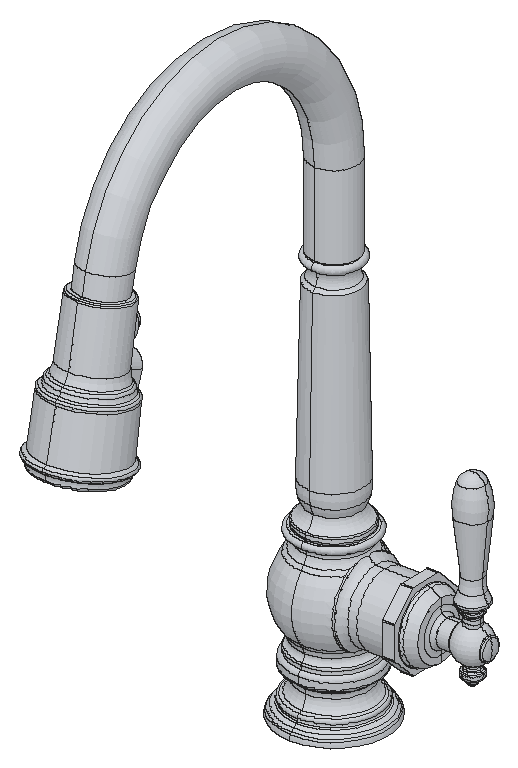
Revit family "Faucet-Kitchen_Sink-KOHLER-Artifacts-K-99261", category Plumbing Fixtures, host Face, Revit 2015 (continued)
Definition of nested family "K-99261"
  Lines and regions (in)
    symbolic lines, detail levels medium+fine
      curve 56: spline (0.75593, 0, 1.90008) -> (0.75304, 0, 2.00038) -> (0.75047, 0, 2.11536) -> (0.74825, 0, 2.24252) -> (0.74644, 0, 2.37912) -> (0.74509, 0, 2.52219) -> (0.74421, 0, 2.66865) -> (0.74383, 0, 2.81533) -> (0.74396, 0, 2.95905) -> (0.74458, 0, 3.09672) -> (0.7457, 0, 3.22533) -> (0.74729, 0, 3.34213) -> (0.7493, 0, 3.44458)
      curve 57: line (1.90976, 0, 3.61382) -> (1.90976, 0, 1.7442)
      curve 58: line (2.23845, 0, 1.82787) -> (2.23845, 0, 3.52943)
      curve 59: line (2.19119, 0, 1.7442) -> (2.19119, 0, 3.61382)
      curve 60: line (1.90976, 0, 3.04915) -> (2.19119, 0, 3.04915)
      curve 61: line (1.90976, 0, 2.27938) -> (2.19119, 0, 2.27938)
      curve 62: line (2.29563, 0, 1.85957) -> (2.29563, 0, 3.49773)
      curve 63: line (2.54928, 0, 3.3681) -> (2.54928, 0, 1.9892)
      curve 64: line (2.68432, 0, 2.36687) -> (2.68432, 0, 2.99043)
      curve 65: line (2.98073, 0, 2.99043) -> (2.98073, 0, 2.36687)
      curve 66: line (3.11854, 0, 3.07738) -> (3.48853, 0, 3.07738)
      curve 67: line (3.11244, 0, 2.28301) -> (3.49463, 0, 2.28301)
      curve 68: spline (3.65526, 0, 2.94365) -> (3.65527, 0, 2.93462) -> (3.65528, 0, 2.90815) -> (3.65528, 0, 2.86604) -> (3.65527, 0, 2.81115) -> (3.65525, 0, 2.74724) -> (3.65523, 0, 2.67865) -> (3.65521, 0, 2.61006) -> (3.65518, 0, 2.54615) -> (3.65515, 0, 2.49126) -> (3.65512, 0, 2.44915) -> (3.6551, 0, 2.42267) -> (3.65508, 0, 2.41364)
      curve 69: line (3.70712, 0, 2.41364) -> (3.70712, 0, 2.94365)
      curve 70: line (3.72539, 0, 2.44265) -> (3.72539, 0, 2.91465)
      curve 71: line (3.06843, 0, 3.33885) -> (3.53864, 0, 3.33885)
      curve 72: line (3.08537, 0, 3.44987) -> (3.5217, 0, 3.44987)
      curve 73: line (0.91151, 0, 1.78403) -> (0.8104, 0, 1.75967)
      curve 74: spline (0.77876, 0, 1.81455) -> (0.77567, 0, 1.82082) -> (0.7728, 0, 1.82725) -> (0.77013, 0, 1.83385) -> (0.76768, 0, 1.84061) -> (0.76545, 0, 1.84753) -> (0.76343, 0, 1.8546) -> (0.76163, 0, 1.86182) -> (0.76005, 0, 1.86919) -> (0.75869, 0, 1.8767) -> (0.75755, 0, 1.88436) -> (0.75663, 0, 1.89215) -> (0.75593, 0, 1.90008)
      curve 75: spline (0.74932, 0, 3.44458) -> (0.74958, 0, 3.45576) -> (0.74985, 0, 3.46671) -> (0.75011, 0, 3.47741) -> (0.75037, 0, 3.48786) -> (0.75064, 0, 3.49806) -> (0.7509, 0, 3.50801) -> (0.75116, 0, 3.5177) -> (0.75142, 0, 3.52713) -> (0.75168, 0, 3.5363) -> (0.75193, 0, 3.5452) -> (0.75219, 0, 3.55383) -> (0.75244, 0, 3.5622)
      curve 76: line (0.75244, 0, 3.5622) -> (0.8104, 0, 3.67423)
      curve 77: spline (0.77876, 0, 1.81455) -> (0.78128, 0, 1.80946) -> (0.78382, 0, 1.80446) -> (0.78638, 0, 1.79955) -> (0.78897, 0, 1.79474) -> (0.79158, 0, 1.79002) -> (0.7942, 0, 1.7854) -> (0.79685, 0, 1.78087) -> (0.79952, 0, 1.77644) -> (0.80221, 0, 1.7721) -> (0.80492, 0, 1.76786) -> (0.80765, 0, 1.76372) -> (0.8104, 0, 1.75967)
      curve 78: line (-1.0246, 0, 0.46206) -> (1.0246, 0, 0.46206)
      curve 79: line (-0.96697, 0, 1.36669) -> (0.96792, 0, 1.36669)
      curve 80: line (-0.86049, 0, 3.87428) -> (0.86049, 0, 3.87428)
      curve 81: line (-0.80583, 0, 4.05402) -> (0.80491, 0, 4.05402)
      curve 82: line (-0.60594, 0, 4.51908) -> (0.60594, 0, 4.51908)
      curve 83: spline (0, 0, 12.11312) -> (0.08423, 0, 12.11215) -> (0.16724, 0, 12.10925) -> (0.2478, 0, 12.10445) -> (0.32475, 0, 12.09784) -> (0.39696, 0, 12.08951) -> (0.46338, 0, 12.07958) -> (0.52303, 0, 12.06819) -> (0.57506, 0, 12.05551) -> (0.61869, 0, 12.04173) -> (0.6533, 0, 12.02705) -> (0.67837, 0, 12.01167) -> (0.69355, 0, 11.99583)
      curve 84: spline (0, 0, 10.30772) -> (0.09296, 0, 10.30686) -> (0.18504, 0, 10.30428) -> (0.27538, 0, 10.30001) -> (0.36312, 0, 10.29409) -> (0.44745, 0, 10.28658) -> (0.52756, 0, 10.27754) -> (0.6027, 0, 10.26707) -> (0.67216, 0, 10.25525) -> (0.7353, 0, 10.2422) -> (0.7915, 0, 10.22805) -> (0.84026, 0, 10.21292) -> (0.8811, 0, 10.19696)
      curve 85: arc (-0.58201, 0, 8.36083) -> (0, 0, 8.31735) -> (0.58201, 0, 8.36083) r 3.91758
      curve 86: arc (-1.01456, 0, 8.89835) -> (0, 0, 9.08396) -> (1.01456, 0, 8.89835) r 2.86558
      curve 87: arc (-1.10827, 0, 8.69908) -> (0, 0, 8.9073) -> (1.10827, 0, 8.69908) r 3.05351
      curve 88: spline (-0.87976, 0, 10.19756) -> (-0.83877, 0, 10.21344) -> (-0.78992, 0, 10.22849) -> (-0.73367, 0, 10.24257) -> (-0.67056, 0, 10.25555) -> (-0.60117, 0, 10.2673) -> (-0.52615, 0, 10.27772) -> (-0.4462, 0, 10.28671) -> (-0.36208, 0, 10.29418) -> (-0.27457, 0, 10.30006) -> (-0.18449, 0, 10.3043) -> (-0.09268, 0, 10.30686) -> (0, 0, 10.30772)
      curve 89: spline (-0.69476, 0, 11.99378) -> (-0.68067, 0, 12.00983) -> (-0.65643, 0, 12.02544) -> (-0.62241, 0, 12.04036) -> (-0.57912, 0, 12.05438) -> (-0.52719, 0, 12.06729) -> (-0.4674, 0, 12.07889) -> (-0.40065, 0, 12.08902) -> (-0.32793, 0, 12.09752) -> (-0.25032, 0, 12.10427) -> (-0.16898, 0, 12.10916) -> (-0.08513, 0, 12.11213) -> (0, 0, 12.11312)
      curve 90: arc (-0.56291, 0, 12.09986) -> (0, 0, 12.19016) -> (0.56291, 0, 12.09986) r 1.79961
      curve 91: line (0, -6.50887, 8.48991) -> (0, -8.62373, 8.901)
      curve 92: line (0, -6.53411, 8.66947) -> (0, -8.53307, 9.05803)
      curve 93: line (0, -6.0732, 10.1409) -> (0, -6.83216, 10.41713)
      curve 94: line (0, -6.34713, 9.94176) -> (0, -8.22981, 10.30772)
      curve 95: line (0, -6.21253, 11.46734) -> (0, -6.33537, 10.83534)
      curve 96: line (0, -6.45321, 10.74184) -> (0, -6.28676, 11.59817)
      curve 97: line (0, -6.44863, 11.62964) -> (0, -6.61508, 10.77331)
      curve 98: line (0, -6.24211, 11.84652) -> (0, -7.61366, 12.11312)
      curve 99: line (0, -7.47277, 12.16229) -> (0, -6.35432, 11.94489)
      curve 100: line (0, -0.5625, 9.90111) -> (0, 0.5625, 9.90111)
      curve 101: line (0, -0.56447, 9.69636) -> (0, 0.56447, 9.69636)
      curve 102: line (0, -0.62256, 9.26189) -> (0, 0.62256, 9.26189)
      curve 103: line (0, 0.434, 9.87126) -> (0, -0.434, 9.87126)
      curve 104: line (0, -0.60594, 4.51908) -> (0, -0.27505, 4.51908)
      curve 105: line (0, 0.88595, 4.05402) -> (0, 0.23016, 4.05402)
      curve 106: line (0, -0.86049, 3.87428) -> (0, -0.23721, 3.87428)
      curve 107: line (0, -0.96697, 1.36669) -> (0, 0.96697, 1.36669)
      curve 108: line (0, -1.0246, 0.46206) -> (0, 1.0246, 0.46206)
      curve 109: arc (0, -0.00272, 2.51427) -> (0, -0.2263, 2.73785) -> (0, -0.00272, 2.96143) r 0.22358
      curve 110: arc (0, -0.00272, 2.96143) -> (0, 0.22086, 2.73785) -> (0, -0.00272, 2.51427) r 0.22358
      curve 111: line (0, 0.17499, 2.60216) -> (0, -0.1384, 2.91555)
      curve 112: line (0, -0.18229, 2.87105) -> (0, 0.13048, 2.55828)
      curve 113: arc (0, -0.05848, 2.06785) -> (0, 0, 2.05046) -> (0, 0.05746, 2.07095) r 0.0982
      curve 114: line (0, -0.37424, 5.38881) -> (0, -0.26553, 4.43567)
      curve 115: line (0, -0.26553, 4.43567) -> (0, -0.35276, 3.45833)
      curve 116: arc (0, -0.35276, 3.45833) -> (0, -0.36298, 3.4366) -> (0, -0.35875, 3.41296) r 0.03957
      curve 117: line (0, -0.23023, 3.30785) -> (0, -0.23023, 3.25392)
      curve 118: arc (0, -0.23023, 3.25392) -> (0, -0.22109, 3.2366) -> (0, -0.20225, 3.23126) r 0.02488
      curve 119: arc (0, -0.20225, 3.23126) -> (0, -0.17662, 3.21609) -> (0, -0.16327, 3.18947) r 0.05281
      curve 120: arc (0, -0.16327, 3.18947) -> (0, -0.1546, 3.14873) -> (0, -0.15321, 3.1071) r 0.23629
      curve 121: arc (0, -0.15506, 3.07152) -> (0, -0.16167, 3.05295) -> (0, -0.17603, 3.03945) r 0.04191
      curve 122: arc (0, -0.17603, 3.03945) -> (0, -0.35279, 2.72264) -> (0, -0.1538, 2.41929) r 0.35004
      curve 123: arc (0, -0.1538, 2.41929) -> (0, -0.12649, 2.36241) -> (0, -0.1538, 2.30552) r 0.07291
      curve 124: arc (0, -0.1538, 2.30552) -> (0, -0.18226, 2.28563) -> (0, -0.21307, 2.26963) r 0.26448
      curve 125: arc (0, -0.21307, 2.26963) -> (0, -0.21888, 2.26331) -> (0, -0.21816, 2.25476) r 0.01067
      curve 126: line (0, -0.21816, 2.25476) -> (0, -0.21816, 2.19314)
      curve 127: arc (0, -0.21816, 2.19314) -> (0, -0.21124, 2.17645) -> (0, -0.19455, 2.16954) r 0.02361
      curve 128: line (0, -0.16369, 2.1548) -> (0, -0.05848, 2.06785)
      curve 129: arc (0, -0.37424, 5.38881) -> (0, -0.37398, 5.68588) -> (0, -0.29989, 5.97356) r 1.18563
      curve 130: arc (0, -0.29989, 5.97356) -> (0, -0.18559, 6.12648) -> (0, -0.00272, 6.18134) r 0.30462
      curve 131: line (0, 0.3688, 5.38881) -> (0, 0.2601, 4.43567)
      curve 132: line (0, 0.2601, 4.43567) -> (0, 0.34732, 3.45833)
      curve 133: arc (0, 0.2248, 3.25392) -> (0, 0.21566, 3.2366) -> (0, 0.19681, 3.23126) r 0.02488
      curve 134: arc (0, 0.15784, 3.18947) -> (0, 0.14916, 3.14873) -> (0, 0.14777, 3.1071) r 0.23629
      curve 135: arc (0, 0.17059, 3.03945) -> (0, 0.34736, 2.72264) -> (0, 0.14836, 2.41929) r 0.35004
      curve 136: arc (0, 0.14836, 2.30552) -> (0, 0.17682, 2.28563) -> (0, 0.20763, 2.26963) r 0.26448
      curve 137: line (0, 0.15825, 2.1548) -> (0, 0.05215, 2.06711)
      curve 138: arc (0, 0.3688, 5.38881) -> (0, 0.36855, 5.68588) -> (0, 0.29445, 5.97356) r 1.18563
      curve 139: arc (0, 0.29445, 5.97356) -> (0, 0.18015, 6.12648) -> (0, -0.00272, 6.18134) r 0.30462
      curve 140: arc (0, 0.34732, 3.45833) -> (0, 0.35778, 3.4365) -> (0, 0.35404, 3.41257) r 0.04083
      curve 141: arc (0, -0.35692, 3.41075) -> (0, -0.30175, 3.34923) -> (0, -0.23023, 3.30785) r 0.2632
      curve 142: line (0, 0.2248, 3.30785) -> (0, 0.2248, 3.25392)
      curve 143: arc (0, 0.19681, 3.23126) -> (0, 0.17118, 3.21609) -> (0, 0.15784, 3.18947) r 0.05281
      curve 144: arc (0, 0.14963, 3.07152) -> (0, 0.15623, 3.05295) -> (0, 0.17059, 3.03945) r 0.04191
      curve 145: line (0, -0.15321, 3.1071) -> (0, -0.15524, 3.07005)
      curve 146: line (0, 0.14777, 3.1071) -> (0, 0.14981, 3.07005)
      curve 147: line (0, -0.23023, 3.30785) -> (0, 0.2248, 3.30785)
      curve 148: line (0, 0.21272, 2.25476) -> (0, 0.21272, 2.19314)
      curve 149: arc (0, 0.21272, 2.19314) -> (0, 0.2058, 2.17645) -> (0, 0.18911, 2.16954) r 0.02361
      curve 150: arc (0, 0.20763, 2.26963) -> (0, 0.21345, 2.26331) -> (0, 0.21272, 2.25476) r 0.01067
      curve 151: arc (0, -0.19455, 2.16954) -> (0, -0.17849, 2.16349) -> (0, -0.16369, 2.1548) r 0.10079
      curve 152: arc (0, 0.18911, 2.16954) -> (0, 0.17305, 2.16349) -> (0, 0.15825, 2.1548) r 0.10079
      curve 153: arc (0, 0.14836, 2.41929) -> (0, 0.12106, 2.36241) -> (0, 0.14836, 2.30552) r 0.07291
      curve 154: arc (0, -0.72024, 3.08355) -> (0, 0.25466, 1.97989) -> (0, 0.35366, 3.44914) r 0.79785
      curve 155: arc (0, -0.33539, 3.38194) -> (0, -0.00318, 2.00798) -> (0, 0.3298, 3.38176) r 0.72719
      curve 156: line (0, -0.75607, 3.04772) -> (0, -0.72024, 3.08355)
      curve 157: line (0, -0.75607, 2.42363) -> (0, -0.75607, 2.47317)
      curve 158: line (0, -0.31477, 1.98232) -> (0, -0.34891, 2.01647)
      curve 159: line (0, 0.30933, 1.98232) -> (0, 0.2617, 1.98232)
      curve 160: line (0, 0.75063, 2.42363) -> (0, 0.71672, 2.38972)
      curve 161: line (0, 0.75063, 3.04772) -> (0, 0.75063, 2.99865)
      curve 162: line (0, -0.75607, 2.99718) -> (0, -0.75607, 3.04772)
      curve 163: line (0, -0.72117, 2.38873) -> (0, -0.75607, 2.42363)
      curve 164: line (0, -0.26662, 1.98232) -> (0, -0.31477, 1.98232)
      curve 165: line (0, 0.343, 2.01599) -> (0, 0.30933, 1.98232)
      curve 166: line (0, 0.75063, 2.4717) -> (0, 0.75063, 2.42363)
      curve 167: line (0, 0.7158, 3.08255) -> (0, 0.75063, 3.04772)
      curve 168: arc (0, -0.35875, 3.41296) -> (0, -0.00313, 1.97461) -> (0, 0.35404, 3.41257) r 0.76324
      curve 169: arc (0, -0.35931, 3.44878) -> (0, -0.56996, 3.29599) -> (0, -0.72024, 3.08355) r 0.79785
      curve 170: arc (0, 0.35148, 3.41075) -> (0, 0.29632, 3.34923) -> (0, 0.2248, 3.30785) r 0.2632
      curve 171: arc (0, -0.00272, 6.18134) -> (0, -0.18247, 6.12202) -> (0, -0.29989, 5.97356) r 0.32937
      curve 172: arc (0, -0.29989, 5.97356) -> (0, -0.37594, 5.6861) -> (0, -0.38205, 5.38881) r 1.25185
      curve 173: line (0, -0.38205, 5.38881) -> (0, -0.35276, 3.45833)
      curve 174: arc (0, -0.35276, 3.45833) -> (0, -0.36299, 3.43525) -> (0, -0.35692, 3.41075) r 0.03892
      curve 175: arc (0, -0.35692, 3.41075) -> (0, -0.30175, 3.34923) -> (0, -0.23023, 3.30785) r 0.2632
      curve 176: line (0, -0.23023, 3.30785) -> (0, -0.23023, 3.25392)
      curve 177: line (0, -0.21816, 2.25476) -> (0, -0.21816, 2.19314)
      curve 178: arc (0, -0.11149, 2.11166) -> (0, -0.08544, 2.08819) -> (0, -0.05741, 2.06712) r 0.39479
      curve 179: arc (0, -0.16369, 2.1548) -> (0, -0.13687, 2.13427) -> (0, -0.11165, 2.11179) r 0.45307
      curve 180: arc (0, -0.20033, 2.17099) -> (0, -0.1812, 2.16473) -> (0, -0.16369, 2.1548) r 0.10079
      curve 181: arc (0, -0.21816, 2.19314) -> (0, -0.21315, 2.17892) -> (0, -0.20033, 2.17099) r 0.02268
      curve 182: arc (0, -0.19995, 2.27829) -> (0, -0.14457, 2.31685) -> (0, -0.12767, 2.38218) r 0.09716
      curve 183: arc (0, -0.21816, 2.25476) -> (0, -0.21307, 2.26963) -> (0, -0.19995, 2.27829) r 0.02431
      curve 184: arc (0, -0.1538, 2.41929) -> (0, -0.35279, 2.72264) -> (0, -0.17603, 3.03945) r 0.35004
      curve 185: arc (0, -0.12767, 2.38218) -> (0, -0.13588, 2.40416) -> (0, -0.1538, 2.41929) r 0.04633
      curve 186: arc (0, -0.15506, 3.07152) -> (0, -0.1542, 3.13308) -> (0, -0.16438, 3.1938) r 0.34202
      curve 187: arc (0, -0.17603, 3.03945) -> (0, -0.16167, 3.05295) -> (0, -0.15506, 3.07152) r 0.04191
      curve 188: arc (0, -0.16438, 3.1938) -> (0, -0.1829, 3.22185) -> (0, -0.21466, 3.23283) r 0.05228
      curve 189: arc (0, -0.23023, 3.25392) -> (0, -0.22459, 3.23947) -> (0, -0.21065, 3.23265) r 0.02134
      curve 190: arc (0, 0.14836, 2.41929) -> (0, 0.34736, 2.72264) -> (0, 0.17059, 3.03945) r 0.35004
      curve 191: arc (0, 0.12224, 2.38218) -> (0, 0.13044, 2.40416) -> (0, 0.14836, 2.41929) r 0.04633
      curve 192: arc (0, 0.14963, 3.07152) -> (0, 0.1489, 3.13487) -> (0, 0.15987, 3.19725) r 0.34202
      curve 193: arc (0, 0.19451, 2.27829) -> (0, 0.13914, 2.31685) -> (0, 0.12224, 2.38218) r 0.09716
      curve 194: arc (0, 0.15825, 2.1548) -> (0, 0.13143, 2.13427) -> (0, 0.10621, 2.11179) r 0.45307
      curve 195: arc (0, 0.19489, 2.17099) -> (0, 0.17576, 2.16473) -> (0, 0.15825, 2.1548) r 0.10079
      curve 196: arc (0, 0.10605, 2.11166) -> (0, 0.08258, 2.09033) -> (0, 0.05746, 2.07095) r 0.39479
      curve 197: arc (0, 0.21272, 2.19314) -> (0, 0.20771, 2.17892) -> (0, 0.19489, 2.17099) r 0.02268
      curve 198: arc (0, 0.21272, 2.25476) -> (0, 0.20763, 2.26963) -> (0, 0.19451, 2.27829) r 0.02431
      curve 199: line (0, 0.21272, 2.25476) -> (0, 0.21272, 2.19314)
      curve 200: arc (0, 0.17059, 3.03945) -> (0, 0.15623, 3.05295) -> (0, 0.14963, 3.07152) r 0.04191
      curve 201: arc (0, 0.35148, 3.41075) -> (0, 0.29632, 3.34923) -> (0, 0.2248, 3.30785) r 0.2632
      curve 202: line (0, 0.2248, 3.30785) -> (0, 0.2248, 3.25392)
      curve 203: arc (0, 0.15894, 3.1938) -> (0, 0.17746, 3.22185) -> (0, 0.20922, 3.23283) r 0.05228
      curve 204: arc (0, 0.2248, 3.25392) -> (0, 0.21915, 3.23947) -> (0, 0.20521, 3.23265) r 0.02134
      curve 205: line (0, 0.37662, 5.38881) -> (0, 0.34732, 3.45833)
      curve 206: arc (0, 0.34732, 3.45833) -> (0, 0.35756, 3.43525) -> (0, 0.35148, 3.41075) r 0.03892
      curve 207: arc (0, -0.00272, 6.18134) -> (0, 0.17703, 6.12202) -> (0, 0.29445, 5.97356) r 0.32937
      curve 208: arc (0, 0.29445, 5.97356) -> (0, 0.3705, 5.6861) -> (0, 0.37662, 5.38881) r 1.25185
      curve 209: line (0, 0.26961, 4.51908) -> (0, 0.60594, 4.51908)
      curve 210: line (0, -0.23721, 4.05402) -> (0, -0.88595, 4.05402)
      curve 211: line (0, 0.23016, 3.87428) -> (0, 0.86049, 3.87428)
  Dimensions and locks (in)
    aligned and locked: plane 2 to level
Types (5): name | Type | Model | HW Connection | Finish | CW Connection
  (no name) | 1 | "K-99261-CP" | yes | Kohler-Metal-CP-Polished_Chrome | yes
  CP- Polished Chrome | 1 | "K-99261-CP" | yes | Kohler-Metal-CP-Polished_Chrome | yes
  SN- Vibrant Polished Nickel | 2 | "K-99261-SN" | no | Kohler-Metal-SN-Vibrant_Polished_Nickel | no
  VS- Vibrant Stainless | 3 | "K-99261-VS" | no | Kohler-Metal-VS-Vibrant_Stainless | no
  2BZ- Oil- Rubbed Bronze | 4 | "K-99261-2BZ" | no | Kohler-Metal-2BZ-Oil_Rubbed_Bronze | no
